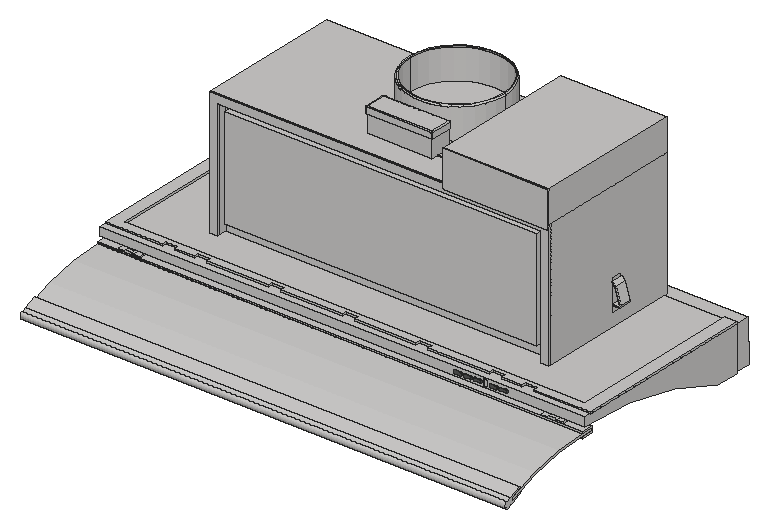
Revit family "P191568KX-100c_KXU2830Y", category Specialty Equipment, Revit 2026 (continued)
Automatic sketch dimensions
  Extrusion 48 sketch curve to Extrusion 48 sketch curve = 0.04922"
  Extrusion 48 sketch curve to Extrusion 48 sketch curve = 0.94528"
  Extrusion 48 sketch curve to Extrusion 48 sketch curve = 0.02729"
  plane 1 "Center (Front/Back)" to Extrusion 49 sketch curve = 4.2875"
  Extrusion 49 sketch curve to Extrusion 49 sketch curve = 3/4"
  level to Extrusion 49 sketch curve = 5.50148"
  Extrusion 49 sketch curve to Extrusion 49 sketch curve = 2.00148"
  Extrusion 50 sketch curve to Extrusion 50 sketch curve = 0"  (x2)
  Extrusion 50 sketch curve to plane 7 = 3.94253"
  Extrusion 50 sketch curve to Extrusion 50 sketch curve = 0.0483"
  Extrusion 50 sketch curve to Extrusion 50 sketch curve = 0.04681"
  Extrusion 50 sketch curve to Extrusion 50 sketch curve = 0.31091"
  Extrusion 50 sketch curve to Extrusion 50 sketch curve = 0.04453"
  Extrusion 50 sketch curve to Extrusion 50 sketch curve = 0.18175"
  Extrusion 50 sketch curve to Extrusion 50 sketch curve = 0.03591"  (x2)
  Extrusion 50 sketch curve to Extrusion 50 sketch curve = 0.47799"
  level to Extrusion 50 sketch curve = 5.31405"
  Extrusion 50 sketch curve to Extrusion 50 sketch curve = 0.92958"
  Extrusion 50 sketch curve to Extrusion 50 sketch curve = 0.01569"
  Extrusion 50 sketch curve to Extrusion 50 sketch curve = 0.01521"
  Extrusion 51 sketch curve to Extrusion 51 sketch curve = 0"  (x2)
  plane 1 "Center (Front/Back)" to Extrusion 51 sketch curve = 3 43/64"
  Extrusion 51 sketch curve to plane 6 = 6.07191"
  Extrusion 51 sketch curve to Extrusion 51 sketch curve = 0.78404"
  Extrusion 52 sketch curve to Extrusion 52 sketch curve = 0"  (x2)
  plane 1 "Center (Front/Back)" to Extrusion 52 sketch curve = 3 43/64"
  Extrusion 52 sketch curve to plane 7 = 6.07191"
  Extrusion 52 sketch curve to Extrusion 52 sketch curve = 0.78404"
  Extrusion 53 sketch curve to Extrusion 2 = 31/64"
  Extrusion 53 sketch curve to Extrusion 2 = 14 241/256"
  Extrusion 1 to Extrusion 54 sketch curve = 6 13/16"
  Extrusion 54 sketch curve to Extrusion 54 sketch curve = 1.9"
  Extrusion 54 sketch curve to Extrusion 1 = 14 1/4"
  Extrusion 54 sketch curve to Extrusion 54 sketch curve = 1 1/2"
  Extrusion 1 to Extrusion 55 sketch curve = 1.11606"
  Extrusion 55 sketch curve to Extrusion 1 = 0.0556"
  Extrusion 55 sketch curve to Extrusion 1 = 0.52893"
  Extrusion 55 sketch curve to Extrusion 1 = 1.6"
  Extrusion 55 sketch curve to Extrusion 1 = 0.38239"
  Extrusion 55 sketch curve to Extrusion 55 sketch curve = 1.90643"
  Extrusion 55 sketch curve to Extrusion 55 sketch curve = 0.33956"
  Extrusion 55 sketch curve to Extrusion 55 sketch curve = 0.56461"
  Extrusion 56 sketch curve to plane 3 "Center (Left/Right)" = 77/128"
  plane 4 to Extrusion 56 sketch curve = 7.87344"
  plane 3 "Center (Left/Right)" to Extrusion 56 sketch curve = 77/128"
  Extrusion 56 sketch curve to Extrusion 56 sketch curve = 1.60312"
  plane 8 to Revolve 57 sketch curve = 0.63373"
  level to Revolve 57 sketch curve = 1.23158"
  Revolve 57 sketch curve to Revolve 57 sketch curve = 0.06527"
  Revolve 57 sketch curve to Revolve 57 sketch curve = 0.07654"
  Revolve 57 sketch curve to Revolve 57 sketch curve = 0.63136"
  Revolve 57 sketch curve to Revolve 57 sketch curve = 0.28226"
  Revolve 57 sketch curve to Revolve 57 sketch curve = 0.0006"
  Revolve 57 sketch curve to Revolve 57 sketch curve = 0.08245"
  Revolve 57 sketch curve to Revolve 57 sketch curve = 0.38914"
  Revolve 57 sketch curve to Revolve 57 sketch curve = 0"
  Revolve 57 sketch curve to Revolve 57 sketch curve = 0.42953"
  Revolve 57 sketch curve to Revolve 57 sketch curve = 0.34793"
  plane 8 to Revolve 58 sketch curve = 0.63373"
  level to Revolve 58 sketch curve = 1.23158"
  Revolve 58 sketch curve to Revolve 58 sketch curve = 0.06527"
  Revolve 58 sketch curve to Revolve 58 sketch curve = 0.07654"
  Revolve 58 sketch curve to Revolve 58 sketch curve = 0.63136"
  Revolve 58 sketch curve to Revolve 58 sketch curve = 0.28226"
  Revolve 58 sketch curve to Revolve 58 sketch curve = 0.0006"
  Revolve 58 sketch curve to Revolve 58 sketch curve = 0.08245"
  Revolve 58 sketch curve to Revolve 58 sketch curve = 0.38914"
  Revolve 58 sketch curve to Revolve 58 sketch curve = 0"
  Revolve 58 sketch curve to Revolve 58 sketch curve = 0.34793"
  Revolve 58 sketch curve to Revolve 58 sketch curve = 0.42953"
  plane 1 "Center (Front/Back)" to curve 3 = 0"
  curve 3 to plane 6 = 0"
  curve 5 to curve 1 = 5.975"
  curve 6 to plane 4 = 0"
  curve 7 to plane 7 = 0"
  radius of Extrusion 23 sketch curve = 1/4"  (x255)
  radius of Extrusion 31 sketch curve = 0.1"
  radius of Extrusion 32 sketch curve = 0.115"
  radius of Extrusion 37 sketch curve = 0.1"
  radius of Extrusion 38 sketch curve = 0.115"
  radius of Extrusion 53 sketch curve = 1/4"
Connectors (in)
  electrical at (0, 0.03125, 0.54297)
    settings: on Extrusion 53, index 1, voltage 0 V, apparent load 0 VA, apparent load phase1 0 VA, apparent load phase2 0 VA, apparent load phase3 0 VA, power factor 1, load classification "Other", number of poles 1, system type 30, power factor state 1, is connector primary yes, connector utility no, sub classification motor no, connector description "Electrical Connection"
